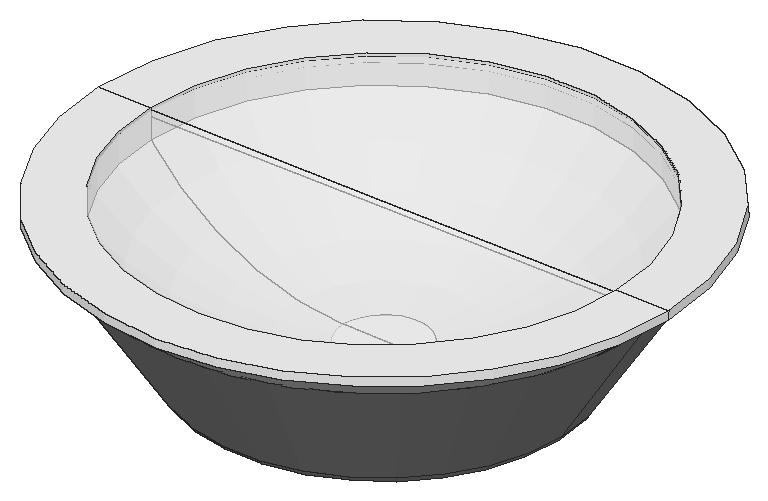
Revit family "0030453", category Lighting Fixtures, host Face, Revit 2017
Family settings
  Host = Face
  Round Connector Dimension = Use Diameter
  Part Type = Normal
  OmniClass Number = 23.80.70.00
  OmniClass Title = Lighting
  Cut with Voids When Loaded = No
  Light Source = Yes
  Shared = No
  Room Calculation Point = No
Parameters (values of type "0030453 INSAVER SLIM IP44M U19 205 650-2000LM840_16W")
  WidthBezel_SYL = if(Size1_SYL, 20 mm, if(Size2_SYL, 20 mm, if(Size3PIR_SYL, 30 mm, if(Size4_SYL, 20 mm, 20 mm))))  # 20 mm
  Weight = "8.76 kg"
  Wattage Comments = ""
  Wattage = 16.5 W
  WarrantyStartDate [instance] = "n/a"
  WarrantyGuarantorParts = "n/a"
  WarrantyDurationUnit = "n/a"
  WarrantyDurationParts = "n/a"
  WarrantyDescription = "n/a"
  built-in parameter 1150110 = 1 (stored number, unit not read)
  Voltage = 0 V
  VisibilityPIR_SYL = Size3PIR_SYL  # no
  URL = "http://www.sylvania-lighting.com"
  TypeName = "Insaver Slim IP44 Multipower U19 205 650-2000lm840"
  Type Image = <None>
  Type Comments = "n/a"
  built-in parameter 1114217 = 1 (stored number, unit not read)
  Tilt Angle = -90.00°
  built-in parameter 1150109 = 1 (stored number, unit not read)
  built-in parameter 1150134 = 12
  built-in parameter 1150113 = 1 (stored number, unit not read)
  Size4_SYL = yes
  Size3PIR_SYL = no
  Size2_SYL = no
  Size1_SYL = no
  SerialNumber [instance] = "n/a"
  RadiusTop_SYL = 6 mm
  RadiusReflector_SYL = if(Size1_SYL, 85 mm, if(Size2_SYL, 85 mm, if(Size3PIR_SYL, 85 mm, if(Size4_SYL, 100 mm, 120 mm))))  # 100 mm
  Photometric Web File = "0030453_16W.ies"
  Material_3_FEILO = Top-Sylvania-STARTDownlight
  PowerFactor = 0.9
  PowerConsumption = "16.5 W"
  NominalLength = 220 mm
  NominalHeight = 60 mm
  NominalDepth = 220 mm
  Name = "Insaver Slim IP44 Multipower U19 205 650-2000lm840"
  ModelReference = Name  # "Insaver Slim IP44 Multipower U19 205 650-2000lm840"
  ModelNumber = "0030453"
  Model = Name  # "Insaver Slim IP44 Multipower U19 205 650-2000lm840"
  Material = "aluminium housing"
  ManufacturerName = "Feilo Sylvania"
  Manufacturer = "Feilo Sylvania"
  LuminousEfficacy = "121 lm/W"
  built-in parameter 1150105 = 2235.9 (stored number, unit not read)
  Lumens = 1996.5 lm
  LuminaireType = ""
  built-in parameter 1150115 = 1 (stored number, unit not read)
  LightOutputRatio = "n/a"
  built-in parameter 1150137 = (empty or 0)
  built-in parameter 1150139 = (empty or 0)
  LampsType = Lamp  # "LED"
  LampNominalLuminous = "2000 lm"
  LampMacAdamStep = "3"
  LampColourTemperature = "4000 K"
  LampColourRenderingIndex = "80"
  built-in parameter 1150112 = 1 (stored number, unit not read)
  built-in parameter 1150114 = 1 (stored number, unit not read)
  Lamp = "LED"
  Keynote = "16500"
  InstallationDate [instance] = "n/a"
  InputVoltage = "n/a"
  InputNominalFrequency = "n/a"
  built-in parameter 1150132 = (empty or 0)
  built-in parameter 1150102 = (empty or 0)
  built-in parameter 1150107 = 4000 (stored number, unit not read)
  built-in parameter 1150138 = (empty or 0)
  IngressProtection = "IP44/20"
  ImpactProtectionIndex = "IK07"
  built-in parameter 1150106 = 22.359 (stored number, unit not read)
  IfcExportType = "IfcLightFixtureType"
  IfcExportAs = "IfcLightFixtureType"
  Height_SYL = if(Size1_SYL, 61 mm, if(Size2_SYL, 61 mm, if(Size3PIR_SYL, 61 mm, if(Size4_SYL, 61 mm, 60 mm))))  # 61 mm
  HeightBezel_SYL = if(Size1_SYL, 3 mm, if(Size2_SYL, 3 mm, if(Size3PIR_SYL, 3 mm, if(Size4_SYL, 3.2 mm, 3 mm))))  # 3.2 mm
  ExpectedLife = 50000
  Emit from Circle Diameter = Diameter_SYL - 40 mm  # 180 mm
  Emit Shape Visible in Rendering = no
  ElectricShockClassification = "Class II"
  built-in parameter 1150104 = 11.241 (stored number, unit not read)
  DurationUnit = "hours"
  DocumentationLiterature = "http://www.sylvania-lighting.com/product/en-int/products/0030453"
  DimmingControlOptions = "n/a"
  Material_2_FEILO = Diffuser-Sylvania-STARTDownlight
  Dimming Lamp Color Temperature Shift = <None>
  Diameter_SYL = if(Size1_SYL, 165 mm, if(Size2_SYL, 190 mm, if(Size3PIR_SYL, 211 mm, if(Size4_SYL, 220 mm, 240 mm))))  # 220 mm
  DiameterTop_SYL = if(Size1_SYL, 98 mm, if(Size2_SYL, 122 mm, if(Size3PIR_SYL, 120 mm, if(Size4_SYL, 135 mm, 158 mm))))  # 135 mm
  DiameterTopBase_SYL = DiameterRecess_SYL  # 200 mm
  DiameterRecess_SYL = if(Size1_SYL, 150 mm, if(Size2_SYL, 170 mm, if(Size3PIR_SYL, 186 mm, if(Size4_SYL, 200 mm, 225 mm))))  # 200 mm
  Description = ""
  Default Elevation = 1219.2 mm
  CreatedOn = "4/12/2021"
  CreatedBy = "@sylvania-lighting.com"
  Cost = 0
  Color Filter = 16777215
  built-in parameter 1114216 [instance] = (empty or 0)
  ClassificationValue = "EF_70_80"
  ClassificationName = "Uniclass2015"
  Material_1_FEILO = Trim-Sylvania-STARTDownlight-White
  BarCode [instance] = "n/a"
  built-in parameter 1114218 = 1 (stored number, unit not read)
  built-in parameter 1150133 = 10 (stored number, unit not read)
  AssetType = "Fixed"
  AssetIdentifier [instance] = "n/a"
  Assembly Code = "D5020200"
  Apparent Load = 16.5 VA
  Material_4_FEILO = LED-Sylvania-STARTDownlight
Types (8, lengths in mm): name | Photometric Web File
  0030453 INSAVER SLIM IP44M U19 205 650-2000LM840_5W | "0030453_5W.ies"
  0030453 INSAVER SLIM IP44M U19 205 650-2000LM840_6W | "0030453_6W.ies"
  0030453 INSAVER SLIM IP44M U19 205 650-2000LM840_8W | "0030453_8W.ies"
  0030453 INSAVER SLIM IP44M U19 205 650-2000LM840_10W | "0030453_10W.ies"
  0030453 INSAVER SLIM IP44M U19 205 650-2000LM840_11W | "0030453_11W.ies"
  0030453 INSAVER SLIM IP44M U19 205 650-2000LM840_13W | "0030453_13W.ies"
  0030453 INSAVER SLIM IP44M U19 205 650-2000LM840_15W | "0030453_15W.ies"
  0030453 INSAVER SLIM IP44M U19 205 650-2000LM840_16W | "0030453_16W.ies"
Reference planes
  plane 1 "Center (Front/Back)": y = 0
  plane 2: z = 0
  plane 3 "Center (Left/Right)": x = 0
  plane 4: x = 110
  plane 5: x = -110
  plane 6: z = 3.2
  plane 7: z = -8
  plane 8: z = -57.8
  plane 9: x = -100
  plane 10: x = 100
  plane 11: x = -67.5
  plane 12: x = 67.5
  plane 13: z = -85
  plane 14: x = -90
  plane 15: z = 2.2
  plane 16: z = -45.8
  plane 17: x = -16
  plane 18: x = -95
  plane 19: x = -81.5
  plane 20: x = -99.5
  plane 21: x = -104
  plane 22: z = 5.7
  plane 23: z = 8.9
  plane 24: x = -103
  plane 25: z = 13.9
Forms (mm)
  Revolve 1, void
    sketch origin (0, 0, 0) x (1, 0, 0) y (0, 0, 1)
      loop
        line (0, 0) -> (-100, 0) -> (-100, -85) -> (0, -85) -> (0, 0)
      axis (0, 0) -> (0, -85)
    angle from 360 to 0
  Revolve 2, solid, material "Trim-Sylvania-STARTDownlight-White" <- "Material_1_FEILO"
    sketch origin (0, 0, 0) x (1, 0, 0) y (0, 0, 1)
      loop
        line (-90, 3.2) -> (-110, 3.2) -> (-110, 0) -> (-100, 0) -> (-100, -8) -> (-69.181, -54.568)
        arc (-69.181, -54.568) -> (-66.971, -56.929) -> (-63.857, -57.8) r 6
        line (-63.857, -57.8) -> (0, -57.8) -> (0, -45.8) -> (-16, -45.8)
        arc (-16, -45.8) -> (-57.112, -34.95) -> (-90, -8) r 100
        line (-90, -8) -> (-90, 3.2)
      axis (0, 3.2) -> (0, -57.8)
    angle from 360 to 0
  Revolve 3, solid, material "Diffuser-Sylvania-STARTDownlight" <- "Material_2_FEILO"
    sketch origin (0, 0, 0) x (1, 0, 0) y (0, 0, 1)
      loop
        line (-90, 0) -> (0, 0) -> (0, 2.2) -> (-90, 2.2) -> (-90, 0)
      axis (0, 2.2) -> (0, 0)
    angle from 360 to 0
  Revolve 4, solid, material "Trim-Sylvania-STARTDownlight-White" <- "Material_1_FEILO", visible <- "VisibilityPIR_SYL"
    sketch origin (0, 0, 0) x (1, 0, 0) y (0, 0, 1)
      loop
        line (-95, 3.2) -> (-95, 13.9)
        arc (-95, 13.9) -> (-99.717, 12.547) -> (-103, 8.9) r 8.9
        line (-103, 8.9) -> (-103, 5.7) -> (-104, 5.7) -> (-104, 3.2) -> (-95, 3.2)
      axis (-95, 13.9) -> (-95, 3.2)
    angle from 360 to 0
Dimensions and locks
  equal spacing: plane 4, plane 3 "Center (Left/Right)", plane 5
  "Diameter_SYL": plane 4 to plane 5
  equal spacing: plane 10, plane 3 "Center (Left/Right)", plane 9
  equal spacing: plane 12, plane 3 "Center (Left/Right)", plane 11
  "DiameterTop_SYL": plane 12 to plane 11
  "HeightBezel_SYL": plane 6 to plane 2
  "Height_SYL": plane 6 to plane 8
  locked: plane 2 to plane 7 at 8
  locked: plane 2 to plane 13 at 85
  "WidthBezel_SYL": plane 14 to plane 5
  locked: plane 6 to plane 15 at 1
  "DiameterRecess_SYL": plane 10 to plane 9
  locked: plane 3 "Center (Left/Right)" to plane 17 at 16
  locked: plane 16 to plane 8 at 12
  locked: plane 18 to plane 21 at 9
  locked: plane 22 to plane 6 at 2.5
  locked: plane 23 to plane 22 at 3.2
  locked: plane 18 to plane 24 at 8
  locked: plane 25 to plane 23 at 5
  locked: plane 25 to Revolve 4 sketch curve at 8.9
  locked: plane 18 to plane 5 at 15
  "RadiusReflector_SYL": radius of Revolve 2 sketch curve
  "RadiusTop_SYL": radius of Revolve 2 sketch curve
  aligned and locked: plane 2 to host face
  aligned and locked: level to host face
  aligned and locked: Revolve 1 sketch curve to plane 3 "Center (Left/Right)"
  aligned and locked: plane 3 "Center (Left/Right)" to Revolve 1 sketch curve
  aligned and locked: Revolve 1 sketch curve to plane 9
  aligned and locked: plane 13 to Revolve 1 sketch curve
  aligned and locked: plane 3 "Center (Left/Right)" to imposter light
  aligned and locked: imposter light to plane 15
  aligned and locked: imposter light to plane 1 "Center (Front/Back)"
  aligned and locked: Revolve 2 sketch curve to plane 3 "Center (Left/Right)"
  aligned and locked: Revolve 2 sketch curve to plane 6
  aligned and locked: Revolve 2 sketch curve to plane 5
  aligned and locked: Revolve 2 sketch curve to level
  aligned and locked: plane 7 to Revolve 2 sketch curve  (x2)
  aligned and locked: Revolve 2 sketch curve to plane 9
  aligned and locked: plane 8 to Revolve 2 sketch curve
  aligned and locked: Revolve 2 sketch curve to plane 14
  aligned and locked: plane 3 "Center (Left/Right)" to Revolve 2 sketch curve
  aligned and locked: Revolve 2 sketch curve to plane 16
  aligned and locked: Revolve 3 sketch curve to plane 3 "Center (Left/Right)"
  aligned and locked: Revolve 3 sketch curve to level
  aligned and locked: imposter light to Revolve 3 sketch curve  (x2)
  aligned and locked: Revolve 4 sketch curve to plane 18  (x2)
  aligned and locked: Revolve 4 sketch curve to plane 6
  aligned and locked: plane 22 to Revolve 4 sketch curve
  aligned and locked: plane 24 to Revolve 4 sketch curve
  aligned and locked: Revolve 4 sketch curve to Revolve 4 sketch curve
  aligned and locked: plane 21 to Revolve 4 sketch curve
Automatic sketch dimensions
  host sketch curve to host sketch curve = 2438.4 mm  (x2)
  plane 13 to Revolve 1 sketch curve = 524.6 mm
  Revolve 1 sketch curve to plane 6 = 2606.058 mm
  Revolve 1 sketch curve to level = 0 mm
  Revolve 2 sketch curve to plane 17 = 0 mm
  Revolve 2 sketch curve to plane 11 = 1.681 mm
  plane 11 to Revolve 2 sketch curve = 3.643 mm
  plane 13 to Revolve 2 sketch curve = 524.6 mm
  Revolve 2 sketch curve to Revolve 2 sketch curve = 2577.983 mm
  Revolve 3 sketch curve to plane 14 = 0 mm
  plane 13 to Revolve 3 sketch curve = 524.6 mm
  Revolve 3 sketch curve to plane 6 = 2606.058 mm
  Revolve 4 sketch curve to plane 23 = 0 mm
  plane 13 to Revolve 4 sketch curve = 524.6 mm
  Revolve 4 sketch curve to Revolve 4 sketch curve = 2595.358 mm
Connectors
  electrical at (0, 0, 0), driven by "Apparent Load", driven by "PowerFactor", driven by "Voltage"
    settings: index 1, voltage 0 V, apparent load 16.5 VA, apparent load phase1 0 VA, apparent load phase2 0 VA, apparent load phase3 0 VA, power factor 0.9, load classification "Lighting", number of poles 1, system type 30, power factor state 1, is connector primary yes, connector utility no, sub classification motor no, connector description ""
